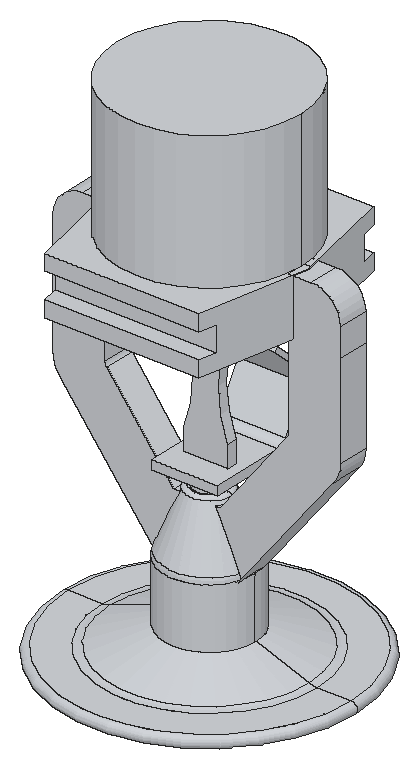
Revit family
Parameters (values of type "RASCO JL112 PENDENT")
  Temperature Rating = 212 °F
  Response = 1
  RASCO SIN # = "R7216"
  RASCO Part # = "JL112P2B"
  Pressure Rating = "175 PSI"
  Pressure Class = (empty or 0)
  Orifice Size = 3/4"
  Orifice = (empty or 0)
  Model = "JL112"
  Manufacturer = "RASCO"
  K-Factor = 11.2
  Description = "BRONZE FINISH"
  Coverage = (empty or 0)
Reference planes (in)
  plane 1 "Center (Front/Back)": y = 0
  plane 2: z = 0
  plane 3 "Center (Left/Right)": x = 0
Nested families (in)
  nested 1: "JL112P2B" at (0, 0, 2.95) x (-1, 0, 0) z (0, 0, -1), type "RASCO JL112 PENDENT"
Connectors (in)
  piping at (0, 0, 2.95)
    settings: on nested 1, index 1, connector radius 1/2", flow factor 0, pipe flow 0 GPM, pressure drop 0.00 psi, fitting loss kfactor 0, connector angle 0.00°, fixture units 0, flow configuration 0, flow direction 0, fitting loss method 0, system type 7, connector reference index -1, connector utility 0, adjustable connector no, is connector primary yes, fitting loss table "", connector description ""
Definition of nested family "JL112P2B"
  Parameters (values of type "RASCO JL112 PENDENT")
    Type Comments = ""
    Temperature Rating = 0 °F
    Response = (empty or 0)
    Pressure Rating = "0"
    Pressure Class = (empty or 0)
    Orifice Size = 0"
    Orifice = (empty or 0)
    Model = ""
    Manufacturer = ""
    K-Factor = 0
    Description = ""
    Coverage = (empty or 0)
    Assembly Code = ""
  Reference planes (in)
    plane 1 "Center (Front/Back)": y = 0
    plane 2: z = 0
    plane 3 "REF.1": z = 0.773
    plane 4 "top": z = 2.8125
    plane 5: x = -0.81624
    plane 6: x = 0.81332
    plane 7 "ref.2": z = 2.098
    plane 8 "head": z = 2.6725
    plane 9 "left/right center": x = 0
    plane 10 "screw": z = 1.98251
    plane 11 "link2": through (0, -0.02489, 1.21079) normal (0, 0.6767, -0.7363)
    plane 12: z = 2.95
  Forms (in)
    Extrusion 1, solid
      sketch origin (0, 0, 0) x (1, 0, 0) y (0, 1, 0)
        loop
          circle (0, 0) r 0.5221
      from 0 to 0.773
    Extrusion 2, solid
      sketch origin (0, 0, 0.773) x (-1, 0, 0) y (0, -1, 0)
        loop
          line (-0.43619, -0.62052) -> (0.4375, -0.62052) -> (0.56391, 0) -> (0.4375, 0.62052) -> (-0.43619, 0.62052) -> (-0.56259, 0) -> (-0.43619, -0.62052)
      from 0 to 0.325
    Extrusion 3, void
      sketch origin (0, 0, 0) x (1, 0, 0) y (0, 0, 1)
        loop
          line (-0.56391, 1.00774) -> (-0.56391, 0.86298) -> (0.56259, 0.86298) -> (0.56259, 1.00774) -> (-0.56391, 1.00774)
      from 0.52148 to 0.62052
    Extrusion 4, solid
      sketch origin (0, 0, 0) x (1, 0, 0) y (0, 0, 1)
        loop
          line (-0.5221, 0.773) -> (-0.5221, 1.098) -> (-0.5221, 1.58091)
          arc (-0.5221, 1.58091) -> (-0.5194, 1.59708) -> (-0.51161, 1.61149) r 0.04979
          line (-0.51161, 1.61149) -> (-0.13316, 2.098) -> (-0.00066, 2.098) -> (0.13184, 2.098) -> (0.5115, 1.61158)
          arc (0.5115, 1.61158) -> (0.51938, 1.59706) -> (0.5221, 1.58077) r 0.05007
          line (0.5221, 1.58077) -> (0.5221, 1.098) -> (0.5221, 0.773) -> (0.64763, 0.773)
          arc (0.64763, 0.773) -> (0.76676, 0.82234) -> (0.8161, 0.94147) r 0.16847
          line (0.8161, 0.94147) -> (0.8161, 1.098) -> (0.8161, 1.63725)
          arc (0.8161, 1.63725) -> (0.80631, 1.69579) -> (0.77801, 1.74796) r 0.17993
          line (0.77801, 1.74796) -> (0.18552, 2.50706) -> (-0.18743, 2.50706) -> (-0.77818, 1.74764)
          arc (-0.77818, 1.74764) -> (-0.80636, 1.69554) -> (-0.8161, 1.63712) r 0.18
          line (-0.8161, 1.63712) -> (-0.8161, 1.098) -> (-0.8161, 0.94094)
          arc (-0.8161, 0.94094) -> (-0.76691, 0.82219) -> (-0.64816, 0.773) r 0.16794
          line (-0.64816, 0.773) -> (-0.5221, 0.773)
      from -0.08649 to 0.08732
    Extrusion 5, void
      sketch origin (0.00728, 1.142, 0) x (1, 0, 0) y (0, 0, 1)
        loop
          line (-0.56391, 1.00774) -> (-0.56391, 0.86298) -> (0.56259, 0.86298) -> (0.56259, 1.00774) -> (-0.56391, 1.00774)
      from 0.52148 to 0.62052
    Revolve 6, solid
      sketch origin (0, 0, 0) x (1, 0, 0) y (0, 0, 1)
        loop
          line (-0.00066, 2.8125) -> (-0.24139, 2.8125)
          arc (-0.24139, 2.8125) -> (-0.25522, 2.80677) -> (-0.26095, 2.79293) r 0.01957
          line (-0.26095, 2.79293) -> (-0.26095, 2.42899)
          arc (-0.26095, 2.42899) -> (-0.25939, 2.41285) -> (-0.25476, 2.3973) r 0.08419
          line (-0.25476, 2.3973) -> (-0.12582, 2.07995)
          arc (-0.12582, 2.07995) -> (-0.11591, 2.06775) -> (-0.10088, 2.06316) r 0.02692
          line (-0.10088, 2.06316) -> (-0.00066, 2.06316) -> (-0.00066, 2.8125)
        axis (-0.00066, 2.8125) -> (-0.00066, 2.06316)
      angle from 0 to 360
    Extrusion 7, solid
      sketch origin (0, 0, 2.8125) x (-1, 0, 0) y (0, -1, 0)
        loop
          circle (0.00095, 0) r 0.18173
      from 0 to 0.01153
    Extrusion 8, solid
      sketch origin (0, 0, 0) x (1, 0, 0) y (0, 0, 1)
        loop
          line (-0.00066, 1.098) -> (0.12634, 1.098) -> (0.12634, 1.25094)
          arc (0.12634, 1.25094) -> (0.07205, 1.52876) -> (0.12634, 1.80659) r 0.738
          line (0.12634, 1.80659) -> (0.12634, 1.9285) -> (-0.12716, 1.9285) -> (-0.12716, 1.80659)
          arc (-0.12716, 1.80659) -> (-0.07288, 1.52876) -> (-0.12716, 1.25094) r 0.73821
          line (-0.12716, 1.25094) -> (-0.12716, 1.098) -> (-0.00066, 1.098)
      from -0.02698 to 0.02489
    Extrusion 9, solid
      sketch origin (0, 0, 0) x (0, 0, -1) y (0, -1, 0)
        loop
          line (-1.92851, 0.17394) -> (-1.98251, 0.17394) -> (-1.98251, -0.23992)
          arc (-1.98251, -0.23992) -> (-1.96437, -0.3088) -> (-1.91467, -0.35983) r 0.13989
          line (-1.91467, -0.35983) -> (-1.70246, -0.48734)
          arc (-1.70246, -0.48734) -> (-1.69224, -0.50115) -> (-1.69478, -0.51815) r 0.02246
          line (-1.69478, -0.51815) -> (-1.72641, -0.57081) -> (-1.68013, -0.59862) -> (-1.63469, -0.52299)
          arc (-1.63469, -0.52299) -> (-1.62907, -0.4854) -> (-1.65167, -0.45485) r 0.04966
          line (-1.65167, -0.45485) -> (-1.89842, -0.30659)
          arc (-1.89842, -0.30659) -> (-1.92047, -0.28396) -> (-1.92851, -0.25341) r 0.06204
          line (-1.92851, -0.25341) -> (-1.92851, 0.17394)
      from -0.18664 to 0.18723
    Extrusion 10, solid
      sketch origin (0, 0, 1.98251) x (-1, 0, 0) y (0, -1, 0)
        loop
          circle (0, 0) r 0.087
      from 0 to 0.0806
    Extrusion 11, solid
      sketch origin (0, -0.61464, 0.66881) x (0, -0.736298, -0.676658) y (-1, 0, 0)
        loop
          line (-0.69009, 0.00066) -> (-0.69009, 0.24966) -> (-0.83009, 0.38966) -> (-1.45483, 0.38966) -> (-1.59483, 0.24966) -> (-1.59483, -0.24834) -> (-1.45483, -0.38834) -> (-0.83009, -0.38834) -> (-0.69009, -0.24834) -> (-0.69009, 0.00066)
      from -0.02887 to 0
    Revolve 12, solid
      sketch origin (0, 0, 0) x (1, 0, 0) y (0, 0, 1)
        loop
          arc (-0.80122, 2.885) -> (-0.83852, 2.91496) -> (-0.80594, 2.95) r 0.03267
          line (-0.80594, 2.95) -> (-0.60991, 2.95)
          arc (-0.60991, 2.95) -> (-0.57643, 2.94718) -> (-0.5439, 2.93879) r 0.2
          line (-0.5439, 2.93879) -> (-0.19802, 2.81786)
          arc (-0.19802, 2.81786) -> (-0.18245, 2.81385) -> (-0.16643, 2.8125) r 0.09569
          line (-0.16643, 2.8125) -> (-0.00095, 2.8125) -> (-0.00095, 2.7475) -> (-0.1684, 2.7475)
          arc (-0.1684, 2.7475) -> (-0.19336, 2.7496) -> (-0.21761, 2.75585) r 0.14908
          line (-0.21761, 2.75585) -> (-0.56462, 2.87718)
          arc (-0.56462, 2.87718) -> (-0.58732, 2.88303) -> (-0.61069, 2.885) r 0.13958
          line (-0.61069, 2.885) -> (-0.80604, 2.885)
        axis (0, 2.95) -> (0, 2.7475)
      angle from 0 to 360
  Cuts and joins
    Extrusion 3, Extrusion 5 cuts Extrusion 2
  Dimensions and locks (in)
    plane 12 to level = 0' - 2.95"
